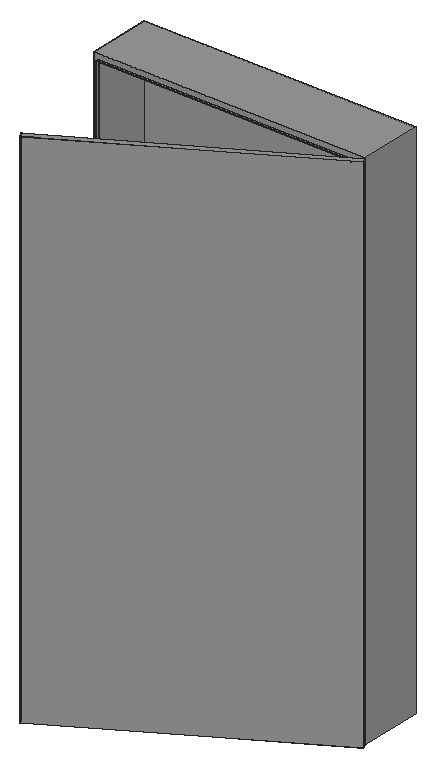
Revit family "Hager-Univers-IP44-D205-H1550-Cl.I-encl-NoHosted-DE-de", category Equipement électrique, Revit 2020
Family settings
  Configuration du panneau = Deux colonnes, circuits au sein
  Cote de connecteur circulaire = Utiliser le diamètre
  Type d'élément = Tableau de raccordement
  Basée sur le plan de construction = Oui
  Toujours verticalement = Oui
  Couper avec des vides une fois chargée = Non
  Partagée = Non
  Point de calcul de pièce = Non
Parameters (values of type "Aufputz IP44 B800 H1550 T205  - FP03TN2")
  Width Control [instance] = if([EF000008 - Breite] > Min Width, [EF000008 - Breite], Min Width)  # 800 mm
  Commentaires du type = [HG000003 - Bereich]  # "Univers"
  Thickness Door [instance] = if([EF009171 - Materialstärke Tür/Deckel] > 3 mm, 3 mm, [EF009171 - Materialstärke Tür/Deckel])  # 1 mm
  Seal Frame Offset [instance] = 17 mm  # constant formula
  Plinth Visibility [instance] = [HG000027 - Sockelhöhe] > 0 mm  # no
  Min Width [instance] = 100 mm  # constant formula
  Min Depth [instance] = (2 * [EF009170 - Materialstärke Gehäuse]) + 1 mm  # 3 mm
  Min Height [instance] = 100 mm  # constant formula
  Internal Frame Depth [instance] = (Door System Depth * 0.5)  # 9 mm
  Panel Name [instance] = ""  # (empty or 0)
  Model = ""
  HG000027 - Sockelhöhe = 0 mm
  HG000026 - Stehend auf dem Boden = no
  HG000024 - Höhe des unteren Teils = 600 mm
  HG000023 - Gehäuse mit doppeltem Querschnitt = no
  HG000016 - 3D-Türsichtbarkeit [instance] = yes
  HG000015 - Sichtbarkeit der Türöffnung [instance] = no
  HG000014 - Tür rechts [instance] = yes
  HG000013 - Tür links [instance] = not([HG000014 - Tür rechts])  # no
  HG000012 - Türschwenkwinkel [instance] = 30.00°
  HG000010 - Asymmetrische Türen = no
  HG000009 - Doppelflügeligen Tür = no
  HG000006 - Unterputz = no
  HG000004 - Herstellerreferenz = "FP03TN2"
  HG000003 - Bereich = "Univers"
  HG000002 - Mit tür = yes
  Frame Offset Bottom [instance] = 10 mm  # constant formula
  Frame Offset [instance] = 15 mm  # constant formula
  EF015940 - Deckel mit Überdruckentlastung = no
  EF011959 - Schutzart (NEMA) = ""
  EF009554 - Anzahl der Öffnungen für Flanschplatten = 6
  EF009212 - Ausführung Deckel = "EV000116 - geschlossen"
  EF009171 - Materialstärke Tür/Deckel = 1 mm
  EF009170 - Materialstärke Gehäuse = 1 mm
  EF008873 - Nennstrom (In) = 250 A
  EF007800 - Geeignet für Blitzschutz = no
  EF006306 - Mit Schloss = no
  EF006244 - Transparenter Deckel/Tür = no
  EF005474 - Schutzart (IP) = "EV006418 - IP44"
  EF004464 - Art der Tür = "EV002646 - Einzel"
  EF004427 - Anzahl der Module = 360
  EF004293 - Schlagfestigkeit = "EV006815 - IK09"
  EF003532 - Geeignet für Außengebrauch = no
  EF002950 - Breite in Teilungseinheiten = 36
  EF001613 - Funktionserhalt = "EV000494 - ohne"
  EF001596 - Werkstoff des Gehäuses = "EV000179 - Stahl"
  EF001131 - Innentiefe = 205 mm
  EF001088 - Anbaumöglichkeit = yes
  EF000437 - Anzahl der Leitungseinführungen = 6
  EF000339 - Art der Abdeckung = "EV001012 - Deckel"
  EF000266 - Anzahl der Reihen = 10
  EF000218 - Einbautiefe = 205 mm
  EF000118 - Mit Montageplatte = no
  EF000116 - RAL-Nummer = "9010"
  EF000049 - Tiefe = 205 mm
  EF000040 - Höhe = 1550 mm
  EF000008 - Breite = 800 mm
  EF000007 - Farbe = "EV000202 - weiß"
  EF000003 - Montageart = "EV000384 - Aufputz"
  Door System Leaf Tolerance [instance] = 1.5 mm  # constant formula
  Door System Depth [instance] = 18 mm  # constant formula
  Door Height [instance] = Height Control - [HG000027 - Sockelhöhe]  # 1550 mm
  Description = ""
  Default Elevation = 1219.2 mm
  Connector Offset [instance] = Height Control / 2  # 775 mm
  Fabricant = "Hager"  # constant formula
  Height Control [instance] = if([EF000040 - Höhe] > Min Height, [EF000040 - Höhe], Min Height)  # 1550 mm
  Depth Control [instance] = if([EF000049 - Tiefe] > Min Depth, [EF000049 - Tiefe], Min Depth)  # 205 mm
  Bottom Top Plate Trim [instance] = 1.5 mm  # constant formula
  Plinth height Ctrl [instance] = if([HG000027 - Sockelhöhe] > 0 mm, [HG000027 - Sockelhöhe], 12 mm)  # 12 mm
Types (9, lengths in mm): name | Width Control | HG000010 - Asymmetrische Türen | HG000009 - Doppelflügeligen Tür | HG000004 - Herstellerreferenz | EF009554 - Anzahl der Öffnungen für Flanschplatten | EF008873 - Nennstrom (In) | EF004464 - Art der Tür | EF004427 - Anzahl der Module | EF002950 - Breite in Teilungseinheiten | EF000437 - Anzahl der Leitungseinführungen | EF000008 - Breite
  Aufputz IP44 B1050 H1550 T205  - FP04TN2 | 1050 | no | yes | "FP04TN2" | 8 | 400 A | "EV003602 - Doppel" | 480 | 48 | 8 | 1050
  Aufputz IP44 B1300 H1550 T205  - FP05TN | 1300 | no | yes | "FP05TN" | 10 | 400 A | "EV003602 - Doppel" | 600 | 60 | 10 | 1300
  Aufputz IP44 B1300 H1550 T205  - FP05TN2 | 1300 | yes | yes | "FP05TN2" | 10 | 400 A | "EV003602 - Doppel" | 600 | 60 | 10 | 1300
  Aufputz IP44 B300 H1550 T205  - FP01TN | 300 | no | no | "FP01TN" | 2 | 250 A | "EV002646 - Einzel" | 120 | 12 | 2 | 300
  Aufputz IP44 B300 H1550 T205  - FP01TN2 | 300 | no | no | "FP01TN2" | 2 | 250 A | "EV002646 - Einzel" | 120 | 12 | 2 | 300
  Aufputz IP44 B550 H1550 T205  - FP02TN | 550 | no | no | "FP02TN" | 4 | 250 A | "EV002646 - Einzel" | 240 | 24 | 4 | 550
  Aufputz IP44 B550 H1550 T205  - FP02TN2 | 550 | no | no | "FP02TN2" | 4 | 250 A | "EV002646 - Einzel" | 240 | 24 | 4 | 550
  Aufputz IP44 B800 H1550 T205  - FP03TN | 800 | no | no | "FP03TN" | 6 | 250 A | "EV002646 - Einzel" | 360 | 36 | 6 | 800
  Aufputz IP44 B800 H1550 T205  - FP03TN2 | 800 | no | no | "FP03TN2" | 6 | 250 A | "EV002646 - Einzel" | 360 | 36 | 6 | 800
Reference planes
  plane 1 "Center (Front/Back)": y = 0
  plane 2: z = 0
  plane 3 "Center (Left/Right)": x = 0
  plane 4: y = 0
  plane 5: y = 0
  plane 6: z = 0
  plane 7: x = -400
  plane 8: x = 400
  plane 9: x = 399
  plane 10: x = -399
  plane 11: z = 0
  plane 12: z = 1
  plane 13: y = -205
  plane 14: y = -1
  plane 15: x = 0
  plane 16: y = -187
  plane 17: y = -204
  plane 18: y = -186
  plane 19: x = -384
  plane 20: x = 384
  plane 21: z = 11
  plane 22: x = -383
  plane 23: x = 383
  plane 24: z = 0
  plane 25: z = 1550
  plane 26: z = 1550
  plane 27: z = 1534
  plane 28: z = 1549
Forms (mm)
  Extrusion 1, solid, material "Hager_Steel_RAL7035_Light_Grey", detail levels medium+fine
    sketch origin (-208.679, -4572, 0) x (-1, 0, 0) y (0, -1, 0)
      loop
        line (191.321, -4385) -> (-608.679, -4385) -> (-608.679, -4572) -> (191.321, -4572) -> (191.321, -4385)
    from 0 to 1550
  Extrusion 2, void
    sketch origin (-350.771, -205, 1219.2) x (1, 0, 0) y (0, 0, 1)
      loop
        line (-48.229, 329.8) -> (-48.229, -1218.2) -> (749.771, -1218.2) -> (749.771, 329.8) -> (-48.229, 329.8)
    from -19 to -204
  Extrusion 3, void
    sketch origin (-290.084, -187, 1219.2) x (1, 0, 0) y (0, 0, 1)
      loop
        line (-93.916, -1208.2) -> (674.084, -1208.2) -> (674.084, 314.8) -> (-93.916, 314.8) -> (-93.916, -1208.2)
    from 0 to -1
  Extrusion 4, solid, material "Hager_Steel_RAL7035_Light_Grey", visible <- "Plinth Visibility", detail levels medium+fine
    sketch origin (0, 0, 0) x (1, 0, 0) y (0, 1, 0)
      loop
        line (-400, 0) -> (-400, -187) -> (400, -187) -> (400, 0) -> (-400, 0)
    from 0 to 12 <- "Plinth height Ctrl"
  Extrusion 5, solid, material "Hager_Steel_RAL7035_Light_Grey", detail levels coarse
    sketch origin (0, 0, 0) x (1, 0, 0) y (0, 1, 0)
      loop
        line (-400, 0) -> (-400, -205) -> (400, -205) -> (400, 0) -> (-400, 0)
    from 0 to 1550 <- "Height Control"
  Sweep 6, void
    path in 3D
      loop
        line (-400, -187, 12) -> (400, -187, 12) -> (400, 0, 12) -> (-400, 0, 12) -> (-400, -187, 12)
    profile origin (-400, -93.5, 12) x (1, 0, 0) y (0, 0, 1)
      loop
        line (0, 0) -> (0, -1.5) -> (1.5, -1.5)
        arc (1.5, -1.5) -> (1.061, -0.439) -> (0, 0) r 1.5
  Extrusion 7, solid, material "Hager_Steel_RAL7035_Light_Grey", detail levels fine
    sketch origin (-400, -187, 0) x (1, 0, 0) y (0, 0, 1)
      loop
        line (16, 11) -> (784, 11) -> (784, 1534) -> (16, 1534) -> (16, 11)
      loop
        line (15, 10) -> (785, 10) -> (785, 1535) -> (15, 1535) -> (15, 10)
    from 0 to 9 <- "Internal Frame Depth"
Cuts and joins
  Extrusion 2, Extrusion 3 cuts Extrusion 1
  Sweep 6 cuts Extrusion 4
Lines and regions (mm)
  Masking region 1
    outline origin (0, 0, 0) x (1, 0, 0) y (0, 1, 0)
      loop
        line (-400, 0) -> (-400, -205) -> (400, -205) -> (400, 0) -> (-400, 0)
  Masking region 2, detail levels coarse
    outline origin (-290.084, -187, 1219.2) x (-1, 0, 0) y (0, 0, 1)
      loop
        line (-690.084, -1219.2) -> (109.916, -1219.2) -> (109.916, 330.8) -> (-690.084, 330.8) -> (-690.084, -1219.2)
  Masking region 3, detail levels coarse
    outline origin (0, 0, 0) x (0, 1, 0) y (0, 0, 1)
      loop
        line (0, 0) -> (0, 1550) -> (-205, 1550) -> (-205, 0) -> (0, 0)
  Masking region 4, visible <- "Plinth Visibility", detail levels medium+fine
    outline origin (0, 0, 0) x (0, 1, 0) y (0, 0, 1)
      loop
        line (-1.5, 12) -> (-185.5, 12)
        arc (-185.5, 12) -> (-185.939, 10.939) -> (-187, 10.5) r 1.5
        line (-187, 10.5) -> (-187, 0) -> (0, 0) -> (0, 10.5)
        arc (0, 10.5) -> (-1.061, 10.939) -> (-1.5, 12) r 1.5
  Masking region 5, detail levels medium+fine
    outline origin (0, 0, 594.038) x (0, 1, 0) y (0, 0, 1)
      loop
        line (0, -594.038) -> (0, 955.962) -> (-187, 955.962) -> (-187, -594.038) -> (0, -594.038)
  Masking region 6, detail levels medium+fine
    outline origin (-359.7, -187, 1211.883) x (-1, 0, 0) y (0, 0, 1)
      loop
        line (-759.7, -1211.883) -> (40.3, -1211.883) -> (40.3, 338.117) -> (-759.7, 338.117) -> (-759.7, -1211.883)
  Masking region 7, visible <- "Plinth Visibility", detail levels medium+fine
    outline origin (-320.334, -187, 1041.368) x (-1, 0, 0) y (0, 0, 1)
      loop
        line (-720.334, -1041.368) -> (79.666, -1041.368) -> (79.666, -1030.868)
        arc (79.666, -1030.868) -> (78.606, -1030.429) -> (78.166, -1029.368) r 1.5
        line (78.166, -1029.368) -> (-718.834, -1029.368)
        arc (-718.834, -1029.368) -> (-719.273, -1030.429) -> (-720.334, -1030.868) r 1.5
        line (-720.334, -1030.868) -> (-720.334, -1041.368)
  sketch lines
    curve 1: line (-400, 0, 12) -> (-400, -187, 12)
    curve 2: line (-400, -187, 12) -> (400, -187, 12)
    curve 3: line (400, 0, 12) -> (-400, 0, 12)
    curve 4: line (400, -187, 12) -> (400, 0, 12)
Dimensions and locks
  locked: plane 1 "Center (Front/Back)" to plane 5
  "EF009170 - Materialstärke Gehäuse": plane 7 to plane 10
  "EF009170 - Materialstärke Gehäuse": plane 8 to plane 9
  equal spacing: plane 7, plane 3 "Center (Left/Right)", plane 8
  "Width Control": plane 7 to plane 8
  "Depth Control": plane 4 to plane 13
  "EF009170 - Materialstärke Gehäuse": plane 4 to plane 14
  "Height Control": plane 25 to level
  "HG000027 - Sockelhöhe": plane 11 to level
  "EF009170 - Materialstärke Gehäuse": plane 12 to plane 11
  "EF009170 - Materialstärke Gehäuse": plane 17 to plane 13
  "EF009170 - Materialstärke Gehäuse": plane 18 to plane 16
  "Frame Offset Bottom": plane 21 to plane 12
  "Frame Offset": plane 10 to plane 19
  "Frame Offset": plane 9 to plane 20
  "Door System Depth": plane 16 to plane 13
  "Seal Frame Offset": plane 7 to plane 22
  "Seal Frame Offset": plane 8 to plane 23
  "EF009170 - Materialstärke Gehäuse": plane 26 to plane 28
  "Frame Offset": plane 28 to plane 27
  "Connector Offset": plane 2 to connector elem
  "Bottom Top Plate Trim": profile plane to Sweep 6 sketch curve
  "Bottom Top Plate Trim": Sweep 6 sketch curve to Sweep 6 sketch curve
  "Plinth height Ctrl": Masking region 4 sketch curve to level
  "Plinth height Ctrl": Masking region 7 sketch curve to level
  "Thickness Door": Extrusion 7 sketch curve to Extrusion 7 sketch curve  (x4)
  "Bottom Top Plate Trim": radius of Sweep 6 sketch curve
  "Bottom Top Plate Trim": radius of Masking region 4 sketch curve  (x2)
  "Bottom Top Plate Trim": radius of Masking region 7 sketch curve  (x2)
  aligned and locked: Extrusion 2 sketch curve to plane 12
  aligned and locked: Extrusion 2 sketch curve to plane 9
  aligned and locked: Extrusion 2 sketch curve to plane 10
  aligned and locked: Extrusion 2 to plane 14
  aligned and locked: Extrusion 1 sketch curve to plane 4
  aligned and locked: plane 8 to Extrusion 1 sketch curve
  aligned and locked: plane 7 to Extrusion 1 sketch curve
  aligned and locked: Extrusion 2 to plane 18
  aligned and locked: Extrusion 3 sketch curve to plane 19
  aligned and locked: plane 20 to Extrusion 3 sketch curve
  aligned and locked: Extrusion 3 to Extrusion 2
  aligned and locked: Extrusion 3 sketch curve to plane 21
  aligned and locked: plane 3 "Center (Left/Right)" to nested 1
  aligned and locked: Extrusion 1 sketch curve to plane 16
  aligned and locked: Extrusion 4 sketch curve to cut or joined group of Extrusion 1, Extrusion 2, Extrusion 3
  aligned and locked: Masking region 1 sketch curve to plane 7
  aligned and locked: Masking region 1 sketch curve to plane 5
  aligned and locked: Masking region 1 sketch curve to plane 8
  aligned and locked: Masking region 2 sketch curve to level
  aligned and locked: level to Masking region 3 sketch curve
  aligned and locked: plane 1 "Center (Front/Back)" to Masking region 3 sketch curve
  aligned and locked: plane 13 to Masking region 3 sketch curve
  aligned and locked: plane 5 to Masking region 4 sketch curve
  aligned and locked: Masking region 2 sketch curve to plane 8
  aligned and locked: Masking region 2 sketch curve to plane 7
  aligned and locked: plane 7 to nested 2
  aligned and locked: nested 2 to plane 5
  aligned and locked: plane 5 to Masking region 5 sketch curve
  aligned and locked: plane 26 to Masking region 5 sketch curve
  aligned and locked: Extrusion 5 sketch curve to plane 8
  aligned and locked: Extrusion 5 sketch curve to plane 7
  aligned and locked: Extrusion 5 sketch curve to plane 5
  aligned and locked: Extrusion 3 sketch curve to plane 27
  aligned and locked: Extrusion 2 sketch curve to plane 28
  aligned and locked: Masking region 2 to plane 25
  aligned and locked: Extrusion 4 to plane 16
  aligned and locked: profile plane to Sweep 6 sketch curve
  aligned and locked: Masking region 5 sketch curve to plane 24
  aligned and locked: level to Masking region 4 sketch curve
  aligned and locked: Masking region 1 to plane 13
  aligned and locked: nested 1 to plane 16
  aligned and locked: Masking region 3 to plane 25
  aligned and locked: plane 16 to Masking region 4 sketch curve
  aligned and locked: Masking region 5 sketch curve to plane 16
  aligned and locked: plane 24 to plane 11
  aligned and locked: plane 26 to plane 25
  aligned and locked: plane 26 to cut or joined group of Extrusion 1, Extrusion 2, Extrusion 3
  aligned and locked: nested 1 to plane 24
  aligned and locked: Extrusion 1 to Extrusion 3
  aligned and locked: Masking region 6 sketch curve to plane 8
  aligned and locked: Masking region 6 sketch curve to plane 24
  aligned and locked: Masking region 6 sketch curve to plane 7
  aligned and locked: Masking region 6 sketch curve to plane 26
  aligned and locked: Masking region 7 sketch curve to plane 7
  aligned and locked: level to Masking region 7 sketch curve
  aligned and locked: Masking region 7 sketch curve to plane 8
  aligned and locked: Extrusion 7 sketch curve to cut or joined group of Extrusion 1, Extrusion 2, Extrusion 3  (x4)
Automatic sketch dimensions
  plane 19 to Extrusion 3 sketch curve = 0 mm
  Extrusion 3 sketch curve to plane 20 = 0 mm
  Extrusion 3 sketch curve to plane 21 = 0 mm
  Extrusion 4 sketch curve to plane 7 = 0 mm
  Extrusion 4 sketch curve to plane 8 = 0 mm
  Extrusion 4 sketch curve to plane 16 = 0 mm
  Masking region 1 sketch curve to plane 13 = 0 mm
  Masking region 2 sketch curve to plane 25 = 0 mm
  Masking region 3 sketch curve to plane 25 = 0 mm
  Extrusion 5 sketch curve to plane 13 = 0 mm
  profile plane to Sweep 6 sketch curve = 0 mm
Nested families
  nested 1: "EC000058_Univers_Door" at (0, -187, 0), Double <- "HG000009 - Doppelflügeligen Tür", Transparent <- "EF006244 - Transparenter Deckel/Tür", Angle <- "HG000012 - Türschwenkwinkel", Door_Right <- "HG000014 - Tür rechts", Assymetrical <- "HG000010 - Asymmetrische Türen", Door <- "HG000002 - Mit tür", Width_Ctrl <- "Width Control", 3d_Door <- "HG000016 - 3D-Türsichtbarkeit", Clearance <- "HG000015 - Sichtbarkeit der Türöffnung", Door_Left <- "HG000013 - Tür links", Width <- "Width Control", Door_Depth <- "Door System Depth", Leaf_Tolerance <- "Door System Leaf Tolerance", Height <- "Door Height", Lock_Visibility <- "EF006306 - Mit Schloss", Thickness <- "Thickness Door", type "EC000058_Univers_Door", detail levels medium+fine
    with min_wh 3 mm, Width_Ctrl 800 mm, Width 800 mm, Transparent no, Thickness 1 mm, Seal_Material Hager_Rubber, Lock_Visibility no, Lock_Material Hager_Plastic_RAL9005_Jet_Black, Leaf_Width 800 mm, Leaf_Tolerance_External_Sides 0 mm, Leaf_Tolerance 1.5 mm, Leaf_Offset 0 mm, Leaf_Height 1547 mm, Leaf_2_Width 800 mm, Leaf_2_Offset 400 mm, Leaf_1_Width 800 mm, Leaf_1_Offset 400 mm, Height_Ctrl 1550 mm, Height 1550 mm, Glass_Material Hager_Glass, Double_Clearance_Ctrl no, Double no, Door_Right_Ctrl yes, Door_Right yes, Door_Material Hager_Steel_RAL7035_Light_Grey, Door_Left_Ctrl no, Door_Left no, Door_Depth 18 mm, Door yes, Clearance_Material Hager_Clearance, Clearance_Depth 800 mm, Clearance_Ctrl no, Clearance no, Assymetrical no, Angle 30.00°, 3d_Door yes
  nested 2: "Hager_Enclosure_Symbol" at (-400, 0, 0), Height <- "Depth Control", Width <- "Width Control", type "Hager_Enclosure_Symbol"
    with Width_Ctrl 800 mm, Width 800 mm, Height_Ctrl 205 mm, Height 205 mm, A_Width_Int 13.453 mm, A_Width 161.438 mm, A_Height_Ctrl 179.375 mm, A_Height 179.375 mm
Connectors
  electrical at (0, 0, 775)
    settings: on plane 1 "Center (Front/Back)", index 1, voltage 0 V, apparent load 0 VA, apparent load phase1 0 VA, apparent load phase2 0 VA, apparent load phase3 0 VA, power factor 1, load classification "Other", number of poles 1, system type 30, power factor state 1, is connector primary yes, connector utility no, sub classification motor no, connector description ""
Definition of nested family "EC000058_Univers_Door"
  Parameters (values of type "EC000058_Univers_Door")
    min_wh [instance] = (2 * Thickness) + 1 mm  # 11 mm
    Width_Ctrl [instance] = 400 mm
    Width [instance] = 500 mm
    Transparent [instance] = yes
    Thickness [instance] = 5 mm
    Seal_Material [instance] = none
    Lock_Visibility [instance] = yes
    Lock_Material [instance] = none
    Leaf_Width [instance] = if((Width_Ctrl - 2 * Leaf_Tolerance_External_Sides) > 0 mm, (Width_Ctrl - 2 * Leaf_Tolerance_External_Sides), min_wh)  # 400 mm
    Leaf_Tolerance_External_Sides [instance] = 0 mm  # constant formula
    Leaf_Tolerance [instance] = 1.5 mm
    Leaf_Offset [instance] = 0 mm  # constant formula
    Leaf_Height [instance] = if((Height_Ctrl - 2 * Leaf_Tolerance) > 0 mm, (Height_Ctrl - 2 * Leaf_Tolerance), min_wh)  # 497 mm
    Leaf_2_Width [instance] = if(and(and(Double, Assymetrical), Door_Left), (Leaf_Width / 3) - (Leaf_Tolerance / 2), if(and(and(Double, Assymetrical), Door_Right), (Leaf_Width / 3) * 2 - (Leaf_Tolerance / 2), if(and(Double, not(Assymetrical)), (Leaf_Width / 2) - Leaf_Tolerance, Leaf_Width)))  # 400 mm
    Leaf_2_Offset [instance] = if(and(Double, Assymetrical), Leaf_2_Width / 2, if(and(Double, not(Assymetrical)), Leaf_Width / 4, Leaf_Width / 2))  # 200 mm
    Leaf_1_Width [instance] = if(and(and(Double, Assymetrical), Door_Right), (Leaf_Width / 3) - (Leaf_Tolerance / 2), if(and(and(Double, Assymetrical), Door_Left), (Width / 3) * 2 - (Leaf_Tolerance / 2), if(and(Double, not(Assymetrical)), (Leaf_Width / 2) - Leaf_Tolerance, Leaf_Width)))  # 400 mm
    Leaf_1_Offset [instance] = if(and(Double, Assymetrical), Leaf_1_Width / 2, if(and(Double, not(Assymetrical)), Leaf_Width / 4, Leaf_Width / 2))  # 200 mm
    Height_Ctrl [instance] = if(Height > min_wh, Height, min_wh)  # 500 mm
    Height [instance] = 500 mm
    Glass_Material [instance] = none
    Double_Clearance_Ctrl [instance] = and(Double, Clearance)  # no
    Double [instance] = no
    Door_Right_Ctrl [instance] = and(or(Door_Right, Double), Door)  # yes
    Door_Right [instance] = yes
    Door_Material [instance] = none
    Door_Left_Ctrl [instance] = and(or(Door_Left, Double), Door)  # no
    Door_Left [instance] = no
    Door_Depth [instance] = 30 mm
    Door [instance] = yes
    Default Elevation = 1219.2 mm
    Clearance_Material [instance] = none
    Clearance_Depth [instance] = if(Leaf_1_Width > Leaf_2_Width, Leaf_1_Width, Leaf_2_Width)  # 400 mm
    Clearance_Ctrl [instance] = and(not(Double), Clearance)  # yes
    Clearance [instance] = yes
    Assymetrical [instance] = yes
    Angle [instance] = 30.00°
    3d_Door [instance] = yes
  Reference planes
    plane 1 "Center (Front/Back)": y = 0
    plane 2 "Bottom": z = 0
    plane 3 "Center (Left/Right)": x = 0
    plane 4: z = 500
    plane 5: x = -200
    plane 6: x = 200
    plane 7: z = 500
    plane 8: x = -200
    plane 9: z = 0
    plane 10: x = 200
    plane 11: y = 0
    plane 12: z = 1.5
    plane 13: x = -600
    plane 14: y = -400
    plane 15: x = 600
    plane 16: x = 0
    plane 17: x = 0
    plane 18: x = -200
    plane 19: x = 200
    plane 20: z = 498.5
  Forms (mm)
    Extrusion 1, solid, material <- "Clearance_Material", visible <- "Double_Clearance_Ctrl"
      sketch origin (1200, 0, 0) x (1, 0, 0) y (0, 0, -1)
        loop
          line (-1800, -498.5) -> (-600, -498.5) -> (-600, 0) -> (-1800, 0) -> (-1800, -498.5)
      from 0 to -400
  Dimensions and locks
    equal spacing: plane 5, plane 3 "Center (Left/Right)", plane 6
    "Width_Ctrl": plane 5 to plane 6
    "Leaf_Offset": plane 5 to plane 8
    "Leaf_Offset": plane 6 to plane 10
    "Leaf_Offset": plane 9 to level
    "Leaf_Offset": plane 4 to plane 7
    "Height_Ctrl": plane 4 to level
    "Leaf_Tolerance": plane 12 to plane 9
    locked: plane 11 to plane 1 "Center (Front/Back)"
    "Leaf_1_Offset": plane 18 to plane 16
    "Leaf_2_Offset": plane 17 to plane 19
    "Leaf_1_Width": plane 13 to plane 8
    "Leaf_2_Width": plane 10 to plane 15
    "Clearance_Depth": plane 14 to plane 1 "Center (Front/Back)"
    "Leaf_Tolerance_External_Sides": plane 8 to plane 18
    "Leaf_Tolerance_External_Sides": plane 19 to plane 10
    "Leaf_Tolerance": plane 7 to plane 20
    aligned and locked: level to plane 2 "Bottom"
    aligned and locked: nested 1 to plane 16
    aligned and locked: nested 2 to plane 17
    aligned and locked: Extrusion 1 to plane 13
    aligned and locked: plane 15 to Extrusion 1
    aligned and locked: Extrusion 1 to plane 14
    aligned and locked: plane 12 to nested 1
    aligned and locked: nested 2 to plane 12
    aligned and locked: Extrusion 1 to plane 11
    aligned and locked: plane 20 to Extrusion 1
    aligned and locked: nested 2 to plane 11
    aligned and locked: nested 1 to plane 11
  Automatic sketch dimensions
    Extrusion 1 sketch curve to level = 0 mm
    plane 5 to Extrusion 1 sketch curve = 400 mm
    plane 6 to Extrusion 1 sketch curve = 400 mm
    Extrusion 1 sketch curve to plane 4 = 1.5 mm
  Nested families
    nested 1: "EC000058_Univers_Door_Leaf" at (0, 0, 1.5), Width <- "Leaf_1_Width", visible <- "Door_Left_Ctrl", Leaf_Height <- "Leaf_Height", Angle <- "Angle", 3d_Door <- "3d_Door", Transparent <- "Transparent", Clearance Material <- "Clearance_Material", Clearance <- "Clearance_Ctrl", Door_Material <- "Door_Material", Glass_Material <- "Glass_Material", Door_Depth <- "Door_Depth", Lock_Material <- "Lock_Material", Seal_Material <- "Seal_Material", Lock_Visibility <- "Lock_Visibility", Thickness <- "Thickness", type "EC000058_Univers_Door_Leaf"
      with Width 400 mm, Transparent_Glass_Offset 30 mm, Transparent_Ctrl yes, Transparent yes, Thickness 5 mm, Standard no, Seal_Material none, Seal_D2 8 mm, Seal_D1 1 mm, Offset_Internal_Frame 10 mm, Lock_Width 20 mm, Lock_Visibility_3d yes, Lock_Visibility yes, Lock_Thickness_3 3 mm, Lock_Thickness_2 1 mm, Lock_Thickness_1 3 mm, Lock_Radius_Offset_2 16 mm, Lock_Radius_Offset_1 15 mm, Lock_Radius_2 5 mm, Lock_Radius 6 mm, Lock_Offset 5 mm, Lock_Material none, Lock_Height 80 mm, Lock_Cover_Top_Offset_2d 17 mm, Lock_Cover_Height -65 mm, Leaf_Height 497 mm, Internal_Seal_Thickness 8 mm, Internal_Seal_Depth_2 4.5 mm, Internal_Frame_Depth 25 mm, Glass_Thickness -1 mm, Glass_Offset -2 mm, Glass_Material none, Door_Material none, Door_Depth 30 mm, Clearance Material none, Clearance yes, Angle_Ctrl 30.00°, Angle 30.00°, 3d_Door yes
    nested 2: "EC000058_Univers_Door_Leaf" at (0, 0, 1.5) x (-1, 0, 0) z (0, 0, 1), Width <- "Leaf_2_Width", visible <- "Door_Right_Ctrl", Leaf_Height <- "Leaf_Height", Angle <- "Angle", 3d_Door <- "3d_Door", Transparent <- "Transparent", Clearance Material <- "Clearance_Material", Clearance <- "Clearance_Ctrl", Door_Material <- "Door_Material", Glass_Material <- "Glass_Material", Door_Depth <- "Door_Depth", Lock_Material <- "Lock_Material", Seal_Material <- "Seal_Material", Lock_Visibility <- "Lock_Visibility", Thickness <- "Thickness", type "EC000058_Univers_Door_Leaf"
      with Width 400 mm, Transparent_Glass_Offset 30 mm, Transparent_Ctrl yes, Transparent yes, Thickness 5 mm, Standard no, Seal_Material none, Seal_D2 8 mm, Seal_D1 1 mm, Offset_Internal_Frame 10 mm, Lock_Width 20 mm, Lock_Visibility_3d yes, Lock_Visibility yes, Lock_Thickness_3 3 mm, Lock_Thickness_2 1 mm, Lock_Thickness_1 3 mm, Lock_Radius_Offset_2 16 mm, Lock_Radius_Offset_1 15 mm, Lock_Radius_2 5 mm, Lock_Radius 6 mm, Lock_Offset 5 mm, Lock_Material none, Lock_Height 80 mm, Lock_Cover_Top_Offset_2d 17 mm, Lock_Cover_Height -65 mm, Leaf_Height 497 mm, Internal_Seal_Thickness 8 mm, Internal_Seal_Depth_2 4.5 mm, Internal_Frame_Depth 25 mm, Glass_Thickness -1 mm, Glass_Offset -2 mm, Glass_Material none, Door_Material none, Door_Depth 30 mm, Clearance Material none, Clearance yes, Angle_Ctrl 30.00°, Angle 30.00°, 3d_Door yes
  Definition of nested family "EC000058_Univers_Door_Leaf"
    Parameters (values of type "EC000058_Univers_Door_Leaf")
      Width [instance] = 2000 mm
      Transparent_Glass_Offset [instance] = 30 mm
      Transparent_Ctrl [instance] = and(Transparent, [3d_Door])  # yes
      Transparent [instance] = yes
      Thickness [instance] = 5 mm
      Standard [instance] = and(not(Transparent), [3d_Door])  # no
      Seal_Material [instance] = none
      Seal_D2 [instance] = 8 mm  # constant formula
      Seal_D1 [instance] = 1 mm  # constant formula
      Offset_Internal_Frame [instance] = 10 mm  # constant formula
      Lock_Width [instance] = 20 mm  # constant formula
      Lock_Visibility_3d [instance] = and(Lock_Visibility, [3d_Door])  # yes
      Lock_Visibility [instance] = yes
      Lock_Thickness_3 [instance] = 3 mm  # constant formula
      Lock_Thickness_2 [instance] = 1 mm  # constant formula
      Lock_Thickness_1 [instance] = 3 mm  # constant formula
      Lock_Radius_Offset_2 [instance] = Lock_Radius_Offset_1 + 1 mm  # 16 mm
      Lock_Radius_Offset_1 [instance] = 15 mm  # constant formula
      Lock_Radius_2 [instance] = Lock_Radius - 1 mm  # 5 mm
      Lock_Radius [instance] = 6 mm  # constant formula
      Lock_Offset [instance] = 5 mm  # constant formula
      Lock_Material [instance] = none
      Lock_Height [instance] = 80 mm  # constant formula
      Lock_Cover_Top_Offset_2d [instance] = Lock_Radius_Offset_2 + 1 mm  # 17 mm
      Lock_Cover_Height [instance] = -(Lock_Height - Lock_Radius_Offset_1)  # -65 mm
      Leaf_Height [instance] = 2720.336 mm
      Internal_Seal_Thickness [instance] = 8 mm  # constant formula
      Internal_Seal_Depth_2 [instance] = 4.5 mm  # constant formula
      Internal_Frame_Depth [instance] = if(Door_Depth - Thickness > 5 mm, Door_Depth - Thickness, 5 mm)  # 25 mm
      Glass_Thickness [instance] = if(Thickness > 15 mm, Glass_Offset + 10 mm, -1 mm)  # -1 mm
      Glass_Offset [instance] = if(Thickness > 15 mm, -(Thickness + 10 mm) / 2, -2 mm)  # -2 mm
      Glass_Material [instance] = none
      Door_Material [instance] = none
      Door_Depth [instance] = 30 mm
      Default Elevation = 0 mm
      Clearance Material [instance] = none
      Clearance [instance] = yes
      Angle_Ctrl [instance] = if(Angle > 180.00°, 180.00°, Angle)  # 90.00°
      Angle [instance] = 90.00°
      3d_Door [instance] = yes
    Reference planes
      plane 1 "Center (Front/Back)": y = 0
      plane 2: z = 0
      plane 3 "Center (Left/Right)": x = 0
      plane 4: y = 2000
      plane 5: x = -1000
      plane 6: x = 1000
      plane 7: x = -3000
      plane 8: z = 2720.336
      plane 9: z = 30
      plane 10: z = 2690.336
      plane 11: x = 970
      plane 12: x = -970
      plane 13: y = -3
      plane 14: z = 107.833
      plane 15: y = -5
      plane 16: y = -223.314
      plane 17: x = -1000
      plane 18: z = 1360.168
      plane 19: y = 30
    Forms (mm)
      Extrusion 1, solid, material <- "Clearance Material", visible <- "Clearance"
        sketch origin (0, 0, 0) x (1, 0, 0) y (0, 0, 1)
          loop
            line (-3000, 2720.336) -> (-3000, 0) -> (1000, 0) -> (1000, 2720.336) -> (-3000, 2720.336)
        from 0 to -2000
      Extrusion 2, solid, material <- "Door_Material", visible <- "Standard", detail levels medium+fine
        sketch origin (-1000, 0, 0) x (0, 1, 0) y (-1, 0, 0)
          loop
            line (0, 30) -> (0, 25) -> (2000, 25) -> (2000, 30) -> (0, 30)
        from 0 to 2720.336 <- "Leaf_Height"
      Extrusion 3, solid, material <- "Door_Material", visible <- "Transparent_Ctrl", detail levels medium+fine
        sketch origin (-1000, 0, 0) x (0, 1, 0) y (-1, 0, 0)
          loop
            line (0, 25) -> (2000, 25) -> (2000, 30) -> (0, 30) -> (0, 25)
        from 0 to 2720.336 <- "Leaf_Height"
      Extrusion 4, void
        sketch origin (-1025, 2000, 0) x (0, 1, 0) y (0, 0, -1)
          loop
            line (-30, -2690.336) -> (-30, -30) -> (-1970, -30) -> (-1970, -2690.336) -> (-30, -2690.336)
        from 0 to 5 <- "Thickness"
      Sweep 5, solid, material <- "Seal_Material", visible <- "Transparent_Ctrl", detail levels fine
        path in 3D
          loop
            line (-1025, 30, 30) -> (-1025, 30, 2690.336) -> (-1025, 1970, 2690.336) -> (-1025, 1970, 30) -> (-1025, 30, 30)
        profile origin (-1025, 1000, 30) x (1, 0, 0) y (0, 0, 1)
          loop
            line (0, 0) -> (0, -8) -> (1, -8) -> (1, 0) -> (0, 0)
      Extrusion 6, solid, material <- "Glass_Material", visible <- "Transparent_Ctrl", detail levels medium+fine
        sketch origin (-1030, 0, 0) x (0, 1, 0) y (0, 0, -1)
          loop
            line (1970, -2690.336) -> (1970, -30) -> (30, -30) -> (30, -2690.336) -> (1970, -2690.336)
        from -2 <- "Glass_Offset" to -1 <- "Glass_Thickness"
      Extrusion 7, solid, material <- "Door_Material", visible <- "3d_Door", detail levels medium+fine
        sketch origin (-1025, 2000, 0) x (0, -1, 0) y (0, 0, -1)
          loop
            line (0, -2720.336) -> (2000, -2720.336) -> (2000, 0) -> (0, 0) -> (0, -2720.336)
          loop
            line (1995, -5) -> (5, -5) -> (5, -2715.336) -> (1995, -2715.336) -> (1995, -5)
        from 0 to 25 <- "Internal_Frame_Depth"
      Sweep 8, solid, material <- "Seal_Material", visible <- "Transparent_Ctrl", detail levels fine
        path in 3D
          loop
            line (-1025, 0, 0) -> (-1025, 2000, 0) -> (-1025, 2000, 2720.336) -> (-1025, 0, 2720.336) -> (-1025, 0, 0)
        profile origin (-1025, 0, 1360.168) x (1, 0, 0) y (0, 1, 0)
          loop
            line (0, 10) -> (2.975, 10)
            arc (2.975, 10) -> (4.053, 10.447) -> (4.5, 11.525) r 1.525
            line (4.5, 11.525) -> (4.5, 16.527)
            arc (4.5, 16.527) -> (4.069, 17.569) -> (3.027, 18) r 1.473
            line (3.027, 18) -> (0, 18) -> (0, 10)
      Extrusion 9, solid, material <- "Lock_Material", visible <- "Lock_Visibility_3d", detail levels fine
        sketch origin (-1030, 0, 0) x (0, 1, 0) y (0, 0, -1)
          loop
            arc (1993.5, -1400.168) -> (1994.561, -1399.729) -> (1995, -1398.668) r 1.5
            line (1995, -1398.668) -> (1995, -1320.168) -> (1975, -1320.168) -> (1975, -1398.668)
            arc (1975, -1398.668) -> (1975.439, -1399.729) -> (1976.5, -1400.168) r 1.5
            line (1976.5, -1400.168) -> (1993.5, -1400.168)
        from 3 <- "Lock_Thickness_1" to 0
      Blend 10, solid, material <- "Lock_Material", visible <- "Lock_Visibility_3d", detail levels fine
        base sketch origin (-1033, 0, 0) x (0, 1, 0) y (0, 0, -1)
          loop
            line (1975, -1320.168) -> (1975, -1398.668)
            arc (1975, -1398.668) -> (1975.439, -1399.729) -> (1976.5, -1400.168) r 1.5
            line (1976.5, -1400.168) -> (1993.5, -1400.168)
            arc (1993.5, -1400.168) -> (1994.561, -1399.729) -> (1995, -1398.668) r 1.5
            line (1995, -1398.668) -> (1995, -1320.168) -> (1975, -1320.168)
        top sketch origin (-1033, 0, 0) x (0, 1, 0) y (0, 0, -1)
          loop
            line (1976, -1320.168) -> (1976, -1398.668)
            arc (1976, -1398.668) -> (1976.146, -1399.022) -> (1976.5, -1399.168) r 0.5
            line (1976.5, -1399.168) -> (1993.5, -1399.168)
            arc (1993.5, -1399.168) -> (1993.854, -1399.022) -> (1994, -1398.668) r 0.5
            line (1994, -1398.668) -> (1994, -1320.168) -> (1976, -1320.168)
        from 0 to 1 <- "Lock_Thickness_2"
      Blend 11, solid, material <- "Lock_Material", visible <- "Lock_Visibility_3d", detail levels fine
        base sketch origin (-1034, 0, 0) x (0, 1, 0) y (0, 0, -1)
          loop
            line (1978, -1320.168) -> (1978, -1384.168)
            arc (1978, -1384.168) -> (1985, -1391.168) -> (1992, -1384.168) r 7
            line (1992, -1384.168) -> (1992, -1320.168) -> (1978, -1320.168)
        top sketch origin (-1034, 0, 0) x (0, 1, 0) y (0, 0, -1)
          loop
            line (1991, -1320.168) -> (1979, -1320.168) -> (1979, -1383.168)
            arc (1979, -1383.168) -> (1985, -1389.168) -> (1991, -1383.168) r 6
            line (1991, -1383.168) -> (1991, -1320.168)
        from 0 to 3 <- "Lock_Thickness_3"
      Extrusion 12, solid, material <- "Lock_Material", visible <- "Lock_Visibility_3d", detail levels fine
        sketch origin (-1030, 1975, 1320.168) x (1, 0, 0) y (0, -1, 0)
          loop
            line (-7, -19) -> (-7, -1) -> (0, -1) -> (0, 0) -> (-8, 0) -> (-8, -20) -> (0, -20) -> (0, -19) -> (-7, -19)
        from 0 to -65 <- "Lock_Cover_Height"
      Extrusion 13, void
        sketch origin (-1038, 1995, 1320.168) x (-1, 0, 0) y (0, 0, -1)
          loop
            line (-5, -65) -> (0, -65) -> (-5, -60) -> (-5, -65)
        from 0 to 20 <- "Lock_Width"
      Extrusion 14, void
        sketch origin (-1038, 1975, 1320.168) x (0, -1, 0) y (0, 0, -1)
          loop
            circle (-10, -15.995) r 6
          loop
            circle (-10, -15.995) r 5
        from 0 to 2
      Extrusion 15, solid, material <- "Lock_Material", visible <- "Lock_Visibility_3d", detail levels medium
        sketch origin (-1030, 0, 0) x (0, 1, 0) y (0, 0, -1)
          loop
            arc (1993.5, -1400.168) -> (1994.561, -1399.729) -> (1995, -1398.668) r 1.5
            line (1995, -1398.668) -> (1995, -1320.168) -> (1975, -1320.168) -> (1975, -1398.668)
            arc (1975, -1398.668) -> (1975.439, -1399.729) -> (1976.5, -1400.168) r 1.5
            line (1976.5, -1400.168) -> (1993.5, -1400.168)
        from 8 to 0
    Cuts and joins
      Extrusion 4 cuts Extrusion 3
      Extrusion 13, Extrusion 14 cuts Extrusion 9
      Extrusion 14 cuts Blend 11
      Extrusion 13, Extrusion 14 cuts Extrusion 12
      joined: Extrusion 9, Blend 10, Blend 11, Extrusion 12
      Extrusion 14 cuts Extrusion 15
    Lines and regions (mm)
      Masking region 1, visible <- "Lock_Visibility", detail levels fine
        outline origin (0, 0, 0) x (0, 1, 0) y (0, 0, 1)
          loop
            line (30, 1320.168) -> (33, 1320.168) -> (33, 1400.168) -> (30, 1400.168) -> (30, 1320.168)
      Masking region 2, visible <- "Lock_Visibility", detail levels fine
        outline origin (0, 3.143, 0) x (0, 1, 0) y (0, 0, 1)
          loop
            line (29.857, 1354.168) -> (30.857, 1354.168) -> (30.857, 1366.168) -> (29.857, 1366.168) -> (29.857, 1354.168)
      Masking region 3, detail levels medium+fine
        outline origin (0, 0, 0) x (0, 1, 0) y (0, 0, 1)
          loop
            line (0, 0) -> (30, 0) -> (30, 2720.336) -> (0, 2720.336) -> (0, 0)
      Masking region 4, detail levels medium+fine
        outline origin (0, 0, 0) x (1, 0, 0) y (0, 0, 1)
          loop
            line (-1000, 2720.336) -> (-1000, 0) -> (1000, 0) -> (1000, 2720.336) -> (-1000, 2720.336)
      Masking region 5, visible <- "Lock_Visibility", detail levels fine
        outline origin (-47.116, 0, 0) x (1, 0, 0) y (0, 0, 1)
          loop
            arc (1024.616, 1399.168) -> (1023.556, 1398.729) -> (1023.116, 1397.668) r 1.5
            line (1023.116, 1397.668) -> (1023.116, 1320.168) -> (1041.116, 1320.168) -> (1041.116, 1397.668)
            arc (1041.116, 1397.668) -> (1040.677, 1398.729) -> (1039.616, 1399.168) r 1.5
            line (1039.616, 1399.168) -> (1024.616, 1399.168)
      Masking region 6, visible <- "Lock_Visibility", detail levels medium+fine
        outline origin (-25, 0, 0) x (1, 0, 0) y (0, 0, 1)
          loop
            arc (1001.5, 1400.168) -> (1000.439, 1399.729) -> (1000, 1398.668) r 1.5
            line (1000, 1398.668) -> (1000, 1320.168) -> (1020, 1320.168) -> (1020, 1398.668)
            arc (1020, 1398.668) -> (1019.561, 1399.729) -> (1018.5, 1400.168) r 1.5
            line (1018.5, 1400.168) -> (1001.5, 1400.168)
      Masking region 7, visible <- "Lock_Visibility", detail levels fine
        outline origin (-73.735, 0, 0) x (1, 0, 0) y (0, 0, 1)
          loop
            line (1051.735, 1382.168) -> (1065.735, 1382.168) -> (1065.735, 1384.168)
            arc (1065.735, 1384.168) -> (1058.735, 1391.168) -> (1051.735, 1384.168) r 7
            line (1051.735, 1384.168) -> (1051.735, 1382.168)
      Masking region 8, visible <- "Lock_Visibility", detail levels fine
        outline origin (-73.735, 0, 0) x (1, 0, 0) y (0, 0, 1)
          loop
            line (1052.735, 1382.168) -> (1064.735, 1382.168) -> (1064.735, 1383.168)
            arc (1064.735, 1383.168) -> (1058.735, 1389.168) -> (1052.735, 1383.168) r 6
            line (1052.735, 1383.168) -> (1052.735, 1382.168)
      Masking region 9, visible <- "Lock_Visibility", detail levels fine
        outline origin (-25, 0, 0) x (1, 0, 0) y (0, 0, 1)
          loop
            line (1020, 1320.168) -> (1020, 1382.168) -> (1000, 1382.168) -> (1000, 1320.168) -> (1020, 1320.168)
      Masking region 10, detail levels medium+fine
        outline origin (0, 0, 0) x (1, 0, 0) y (0, 0, 1)
          loop
            circle (985, 1335.144) r 6
      Masking region 11, detail levels fine
        outline origin (0, 0, 0) x (1, 0, 0) y (0, 0, 1)
          loop
            circle (985, 1335.144) r 5
      Masking region 12, visible <- "Lock_Visibility", detail levels fine
        outline origin (0, 12.767, 0) x (0, 1, 0) y (0, 0, 1)
          loop
            line (20.233, 1320.168) -> (21.233, 1320.168) -> (21.233, 1399.168) -> (20.233, 1400.168) -> (20.233, 1320.168)
      Masking region 13, visible <- "Lock_Visibility", detail levels fine
        outline origin (0, 13.767, -10) x (0, 1, 0) y (0, 0, 1)
          loop
            line (20.233, 1330.168) -> (23.233, 1330.168) -> (23.233, 1399.168) -> (20.233, 1402.168) -> (20.233, 1330.168)
      Masking region 14, visible <- "Lock_Visibility", detail levels fine
        outline origin (0, 12.767, -10) x (0, 1, 0) y (0, 0, 1)
          loop
            line (20.233, 1330.168) -> (25.233, 1330.168) -> (25.233, 1399.305) -> (20.233, 1394.305) -> (20.233, 1330.168)
      Masking region 15, visible <- "Lock_Visibility", detail levels medium
        outline origin (0, 0, 0) x (0, 1, 0) y (0, 0, 1)
          loop
            line (30, 1320.168) -> (38, 1320.168) -> (38, 1400.168) -> (30, 1400.168) -> (30, 1320.168)
      Masking region 16, visible <- "Lock_Visibility", detail levels fine
        outline origin (-1000, 0, 0) x (0, 1, 0) y (-1, 0, 0)
          loop
            line (1975, 30) -> (1995, 30) -> (1995, 38) -> (1975, 38) -> (1975, 30)
          loop
            line (1979, 37) -> (1976, 37) -> (1976, 34) -> (1978, 34) -> (1979, 37)
          loop
            line (1994, 37) -> (1991, 37) -> (1992, 34) -> (1994, 34) -> (1994, 37)
      Masking region 17, visible <- "Lock_Visibility", detail levels medium
        outline origin (-1000, 0, 0) x (0, 1, 0) y (-1, 0, 0)
          loop
            line (1975, 30) -> (1995, 30) -> (1995, 38) -> (1975, 38) -> (1975, 30)
      symbolic lines
        curve 1: line (1000, 0, 0) -> (-3000, 0, 0)
        curve 2: arc (1000, 0, 0) -> (-1000, 2000, 0) -> (-3000, 0, 0) r 2000
        curve 4: line (-1030, 0, 0) -> (-1030, 2000, 0)
      reference lines
        curve 3: line (-1000, 0, 0) -> (-1000, 2000, 0)
      symbolic lines, detail levels medium+fine
        curve 5: line (-1030, 2000, 0) -> (-1025, 2000, 0)
        curve 7: line (-1025, 0, 0) -> (-1030, 0, 0)
        curve 8: line (-1025, 0, 0) -> (-1000, 0, 0)
        curve 9: line (-1000, 0, 0) -> (-1000, 2000, 0)
        curve 10: line (-1000, 2000, 0) -> (-1025, 2000, 0)
      symbolic lines, detail levels fine
        curve 6: line (-1025, 2000, 0) -> (-1025, 0, 0)
      sketch lines
        curve 11: line (-1025, 0, 2720.336) -> (-1025, 0, 0)
        curve 12: line (-1025, 2000, 0) -> (-1025, 0, 0)
        curve 13: line (-1025, 2000, 2720.336) -> (-1025, 2000, 0)
        curve 14: line (-1025, 0, 2720.336) -> (-1025, 2000, 2720.336)
        curve 15: line (-1025, 1970, 30) -> (-1025, 30, 30)
        curve 16: line (-1025, 30, 30) -> (-1025, 30, 2690.336)
        curve 17: line (-1025, 1970, 2690.336) -> (-1025, 1970, 30)
        curve 18: line (-1025, 30, 2690.336) -> (-1025, 1970, 2690.336)
      symbolic lines, visible <- "Transparent", detail levels medium+fine
        curve 19: line (-970, 0, 2690.336) -> (970, 0, 2690.336)
        curve 20: line (-970, 0, 30) -> (-970, 0, 2690.336)
        curve 21: line (970, 0, 30) -> (-970, 0, 30)
        curve 22: line (970, 0, 2690.336) -> (970, 0, 30)
    Dimensions and locks
      "Width": plane 1 "Center (Front/Back)" to plane 4
      equal spacing: plane 5, plane 3 "Center (Left/Right)", plane 6
      "Width": plane 5 to plane 6
      "Width": plane 7 to plane 5
      "Leaf_Height": plane 8 to level
      "Width": curve 5 to curve 3
      "Width": curve 3 to curve 3
      plane 8 to plane 10 = 30 mm
      plane 9 to level = 30 mm
      plane 12 to plane 5 = 30 mm
      plane 6 to plane 11 = 30 mm
      Extrusion 1 to Extrusion 4 sketch curve = 30 mm
      "Transparent_Glass_Offset": curve 3 to Extrusion 4 sketch curve
      "Transparent_Glass_Offset": Extrusion 4 sketch curve to cut or joined group of Extrusion 3, Extrusion 4  (x2)
      cut or joined group of Extrusion 3, Extrusion 4 to Extrusion 6 sketch curve = 30 mm
      "Transparent_Glass_Offset": cut or joined group of Extrusion 3, Extrusion 4 to Extrusion 4 sketch curve
      "Thickness": curve 6 to curve 4
      "Thickness": Extrusion 7 sketch curve to Extrusion 7 sketch curve  (x4)
      "Door_Depth": curve 4 to curve 3
      "Offset_Internal_Frame": profile plane to Sweep 8 sketch curve
      "Internal_Seal_Thickness": Sweep 8 sketch curve to Sweep 8 sketch curve
      "Internal_Seal_Depth_2": profile plane to Sweep 8 sketch curve
      "Seal_D1": profile plane to Sweep 5 sketch curve
      "Seal_D2": profile plane to Sweep 5 sketch curve
      "Thickness": Extrusion 2 sketch curve to Extrusion 2 sketch curve
      equal spacing: Extrusion 9 sketch curve, plane 18, Extrusion 9 sketch curve  (x2)
      equal spacing: Masking region 1 sketch curve, plane 18, Masking region 1 sketch curve
      "Lock_Height": Masking region 1 sketch curve to Masking region 1 sketch curve
      "Lock_Radius": Masking region 2 sketch curve to plane 18 to Masking region 2 sketch curve
      Masking region 2 sketch curve to Masking region 1 = 1 mm
      "Door_Depth": plane 19 to plane 1 "Center (Front/Back)"
      "Lock_Thickness_1": Masking region 1 sketch curve to plane 19
      "Lock_Width": Extrusion 9 sketch curve to Extrusion 9 sketch curve
      "Lock_Height": Extrusion 9 sketch curve to Extrusion 9 sketch curve
      "Lock_Offset": cut or joined group of Extrusion 3, Extrusion 4 to Extrusion 9 sketch curve
      equal spacing: plane 8, plane 18, level
      "Lock_Radius_Offset_1": Blend 11 sketch curve to Blend 10
      locked: Blend 10 to Blend 11 sketch curve at 2  (x2)
      locked: var sketch to Blend 11 sketch curve at 1  (x2)
      "Lock_Radius_Offset_2": Blend 11 sketch curve to Blend 10
      locked: Extrusion 12 sketch curve to Extrusion 12 sketch curve at 1  (x3)
      Masking region 6 sketch curve to Masking region 6 sketch curve = 80 mm
      "Lock_Height": Masking region 6 sketch curve to Masking region 6 sketch curve
      "Lock_Width": Masking region 6 sketch curve to Masking region 6 sketch curve
      locked: Masking region 6 to Masking region 5 sketch curve at 1  (x3)
      locked: Masking region 5 to Masking region 7 sketch curve at 2  (x2)
      "Lock_Radius_Offset_1": Masking region 5 to Masking region 7 sketch curve
      "Lock_Radius_Offset_2": Masking region 5 to Masking region 8 sketch curve
      locked: Masking region 7 to Masking region 8 sketch curve at 1  (x2)
      "Lock_Cover_Top_Offset_2d": Masking region 5 to Masking region 9 sketch curve
      equal spacing: Masking region 9, Masking region 10 sketch curve, Masking region 9
      equal spacing: Masking region 9, Masking region 11 sketch curve, Masking region 9
      Extrusion 15 sketch curve to Extrusion 15 sketch curve = 80 mm
      "Lock_Width": Extrusion 15 sketch curve to Extrusion 15 sketch curve
      "Lock_Height": Extrusion 15 sketch curve to Extrusion 15 sketch curve
      equal spacing: Extrusion 15 sketch curve, plane 18, Extrusion 15 sketch curve
      "Lock_Thickness_3": Masking region 13 sketch curve to Masking region 13 sketch curve
      "Lock_Height": Masking region 12 sketch curve to Masking region 12 sketch curve
      locked: Masking region 13 sketch curve to Masking region 1 at 8
      locked: Masking region 14 sketch curve to Masking region 13 at 1
      locked: Masking region 14 sketch curve to Masking region 1 at 10.863
      "Lock_Height": Masking region 15 sketch curve to Masking region 15 sketch curve
      "Lock_Offset": Extrusion 15 sketch curve to cut or joined group of Extrusion 3, Extrusion 4
      "Lock_Offset": plane 6 to Masking region 6 sketch curve
      radius of Sweep 8 sketch curve = 1.525 mm
      radius of Sweep 8 sketch curve = 1.473 mm
      radius of Extrusion 9 sketch curve = 1.5 mm  (x2)
      "Lock_Radius": radius of Extrusion 14 sketch curve
      "Lock_Radius_2": radius of Extrusion 14 sketch curve
      "Lock_Radius": radius of Masking region 10 sketch curve
      "Lock_Radius_2": radius of Masking region 11 sketch curve
      radius of Extrusion 15 sketch curve = 1.5 mm  (x2)
      "Angle_Ctrl": angle plane 1 "Center (Front/Back)" to curve 3
      locked: Masking region 12 sketch curve to Masking region 12 sketch curve (angle 45.00°)
      locked: Masking region 13 sketch curve to Masking region 13 sketch curve (angle 45.00°)
      locked: Masking region 14 sketch curve to Masking region 14 sketch curve (angle 45.00°)
      aligned and locked: level to plane 2
      aligned and locked: Extrusion 1 to curve 1
      aligned and locked: plane 6 to Extrusion 1
      aligned and locked: Extrusion 1 to plane 1 "Center (Front/Back)"
      aligned and locked: plane 4 to Extrusion 1
      aligned and locked: plane 8 to Extrusion 1
      aligned and locked: curve 7 to Extrusion 2 sketch curve
      aligned and locked: curve 5 to Extrusion 2 sketch curve
      aligned and locked: curve 7 to Extrusion 3 sketch curve
      aligned and locked: Extrusion 3 sketch curve to curve 4
      aligned and locked: Extrusion 3 sketch curve to curve 6
      aligned and locked: Extrusion 3 sketch curve to curve 5
      aligned and locked: curve 9 to curve 3
      aligned and locked: Extrusion 7 sketch curve to cut or joined group of Extrusion 3, Extrusion 4  (x4)
      aligned and locked: plane 17 to curve 3
      aligned and locked: plane 1 "Center (Front/Back)" to curve 3
      aligned and locked: plane 17 to plane 5
      aligned and locked: Sweep 8 sketch curve to profile plane
      aligned and locked: Sweep 5 sketch curve to profile plane  (x2)
      aligned and locked: Masking region 1 to Masking region 2 sketch curve
      aligned and locked: plane 19 to Masking region 1 sketch curve
      aligned and locked: plane 1 "Center (Front/Back)" to Masking region 3 sketch curve
      aligned and locked: plane 19 to Masking region 3 sketch curve
      aligned and locked: level to Masking region 3 sketch curve
      aligned and locked: Masking region 3 sketch curve to plane 8
      aligned and locked: plane 17 to Masking region 4 sketch curve
      aligned and locked: level to Masking region 4 sketch curve
      aligned and locked: Masking region 4 sketch curve to plane 8
      aligned and locked: plane 12 to curve 20
      aligned and locked: plane 10 to curve 19
      aligned and locked: plane 11 to curve 22
      aligned and locked: curve 21 to plane 9
      aligned and locked: Extrusion 2 sketch curve to cut or joined group of Extrusion 3, Extrusion 4
      aligned and locked: Blend 10 sketch curve to Extrusion 9  (x4)
      aligned and locked: Extrusion 9 to Blend 10 sketch curve
      aligned and locked: Blend 10 to Blend 11 sketch curve
      aligned and locked: Extrusion 12 sketch curve to Blend 11
      aligned and locked: Extrusion 12 sketch curve to Extrusion 9  (x4)
      aligned and locked: Masking region 5 sketch curve to Masking region 6
      aligned and locked: Masking region 9 sketch curve to Masking region 6  (x3)
      aligned and locked: Masking region 12 sketch curve to Masking region 1
      aligned and locked: Masking region 13 sketch curve to Masking region 1
      aligned and locked: Masking region 12 to Masking region 14
      aligned and locked: Masking region 14 sketch curve to Masking region 1
      aligned and locked: Masking region 15 sketch curve to Masking region 14
      aligned and locked: Masking region 13 sketch curve to Masking region 12
      aligned and locked: Masking region 16 sketch curve to cut or joined group of Extrusion 14, Extrusion 15  (x4)
      aligned and locked: Masking region 16 sketch curve to cut or joined group of Extrusion 9, Blend 10, Blend 11, Extrusion 12, Extrusion 13, Extrusion 14  (x6)
      aligned and locked: cut or joined group of Extrusion 9, Blend 10, Blend 11, Extrusion 12, Extrusion 13, Extrusion 14 to Masking region 16 sketch curve
      aligned and locked: Masking region 17 sketch curve to cut or joined group of Extrusion 14, Extrusion 15  (x3)
      aligned and locked: Masking region 17 sketch curve to cut or joined group of Extrusion 9, Blend 10, Blend 11, Extrusion 12, Extrusion 13, Extrusion 14
      aligned and locked: Masking region 9 to Masking region 8 sketch curve
      aligned and locked: Masking region 9 to Masking region 7 sketch curve
    Automatic sketch dimensions
      plane 1 "Center (Front/Back)" to curve 2 = 0 mm
      curve 2 to plane 5 = 0 mm
      Extrusion 1 sketch curve to level = 0 mm
      Extrusion 1 sketch curve to plane 7 = 0 mm
      Extrusion 1 sketch curve to plane 6 = 0 mm
      Extrusion 1 sketch curve to plane 8 = 0 mm
      Extrusion 3 to Extrusion 6 sketch curve = 30 mm  (x4)
      Masking region 4 sketch curve to plane 6 = 0 mm
      Blend 10 sketch curve to Extrusion 9 = 1.5 mm
      Blend 10 sketch curve to Extrusion 9 = 1 mm
      Extrusion 13 sketch curve to Extrusion 12 = 0 mm  (x2)
      Extrusion 12 to Extrusion 13 sketch curve = 3 mm
      Extrusion 13 sketch curve to Extrusion 12 = 5 mm
      Extrusion 14 sketch curve to Extrusion 14 sketch curve = 0 mm  (x2)
      Extrusion 14 sketch curve to Extrusion 12 = 10 mm
      Extrusion 14 sketch curve to Extrusion 12 = 15.995 mm
      Masking region 5 sketch curve to Masking region 5 sketch curve = 1.5 mm  (x2)
      Masking region 10 sketch curve to plane 18 = 25.024 mm
      Masking region 11 sketch curve to plane 18 = 25.024 mm
      plane 19 to Masking region 14 sketch curve = 3 mm
      Masking region 16 sketch curve to Masking region 16 sketch curve = 3 mm
      curve 4 to curve 3 = 0 mm
      Blend 10 to Blend 11 sketch curve = 0 mm
      Masking region 6 sketch curve to Masking region 6 sketch curve = 1.5 mm  (x2)
      Masking region 6 sketch curve to plane 18 = 40 mm
      plane 19 to Masking region 12 sketch curve = 3 mm
      Masking region 12 sketch curve to Masking region 12 sketch curve = 1 mm
      Masking region 15 sketch curve to plane 19 = 0 mm
      Masking region 15 sketch curve to plane 18 = 40 mm
      radius of Blend 10 sketch curve to Extrusion 9 = 1 mm
Definition of nested family "Hager_Enclosure_Symbol"
  Parameters (values of type "Hager_Enclosure_Symbol")
    Width_Ctrl [instance] = if(Width > 1 mm, Width, 1 mm)  # 102.27 mm
    Width [instance] = 102.27 mm
    Height_Ctrl [instance] = if(Height > 1 mm, Height, 1 mm)  # 66.5 mm
    A_Width_Int [instance] = if(A_Width / 12 > 2 mm, A_Width / 12, 2 mm)  # 4.364 mm
    A_Width [instance] = if(A_Height_Ctrl * 0.9 > 2 mm, A_Height_Ctrl * 0.9, 2 mm)  # 52.369 mm
    A_Height_Ctrl [instance] = if(A_Height > 2 mm, A_Height, 2 mm)  # 58.188 mm
    Height [instance] = 66.5 mm
    A_Height [instance] = Height - (Height / 8)  # 58.188 mm
  Reference planes
    plane 1 "Centre (avant/arrière)": y = 0
    plane 2: z = 0
    plane 3 "Centre (gauche/droite)": x = 0
    plane 4: x = 52.369
    plane 5: y = 33.042
    plane 6: y = 41.77
    plane 7: y = 66.5
    plane 8: x = 26.184
    plane 9: y = 37.406
    plane 10: x = 102.27
    plane 11: y = 66.5
    plane 12: y = 8.313
  Lines and regions (mm)
    Filled region 1, type "Solid_Black", in view "Niveau de réf."
      outline origin (0, 0, 0) x (1, 0, 0) y (0, 1, 0)
        loop
          line (52.369, 66.5) -> (33.188, 54.536) -> (45.365, 45.006) -> (52.369, 66.5)
    Filled region 2, type "Solid_Black", in view "Niveau de réf."
      outline origin (0, 0, 0) x (1, 0, 0) y (0, 1, 0)
        loop
          line (0, 0) -> (102.27, 0) -> (102.27, 66.5) -> (0, 0)
    detail lines, in view "Niveau de réf."
      curve 1: line (0, 8.313, 0) -> (26.184, 41.77, 0)
      curve 2: line (26.184, 41.77, 0) -> (26.184, 33.042, 0)
      curve 3: line (26.184, 33.042, 0) -> (52.369, 66.5, 0)
  Dimensions and locks
    "A_Width": plane 3 "Centre (gauche/droite)" to plane 4
    equal spacing: plane 3 "Centre (gauche/droite)", plane 8, plane 4
    equal spacing: plane 6, plane 9, plane 5
    equal spacing: curve 3, Filled region 1 sketch curve, Filled region 1 sketch curve
    "Height_Ctrl": plane 1 "Centre (avant/arrière)" to plane 11
    "A_Height_Ctrl": plane 11 to plane 12
    equal spacing: plane 11, plane 9, plane 12
    "A_Width_Int": plane 6 to plane 9
    "Width_Ctrl": plane 3 "Centre (gauche/droite)" to plane 10
    angle Filled region 1 sketch curve to curve 3 = 20.00°
    angle curve 3 to Filled region 1 sketch curve = 20.00°
    locked: curve 3 to Filled region 1 sketch curve (angle 90.00°)
    aligned and locked: plane 10 to Filled region 2
    aligned and locked: plane 11 to Filled region 2 sketch curve
    aligned and locked: plane 10 to Filled region 2 sketch curve
    aligned and locked: plane 3 "Centre (gauche/droite)" to curve 1
    aligned and locked: plane 12 to curve 1
    aligned and locked: plane 7 to plane 11
  Automatic sketch dimensions
    Filled region 1 sketch curve to plane 4 = 0 mm
    Filled region 1 sketch curve to plane 7 = 0 mm
    plane 1 "Centre (avant/arrière)" to Filled region 2 sketch curve = 0 mm
    Filled region 2 sketch curve to plane 3 "Centre (gauche/droite)" = 0 mm
    curve 2 to plane 6 = 0 mm
    curve 2 to plane 8 = 0 mm
    curve 3 to plane 4 = 0 mm
    curve 2 to plane 5 = 0 mm
    curve 3 to plane 7 = 0 mm
